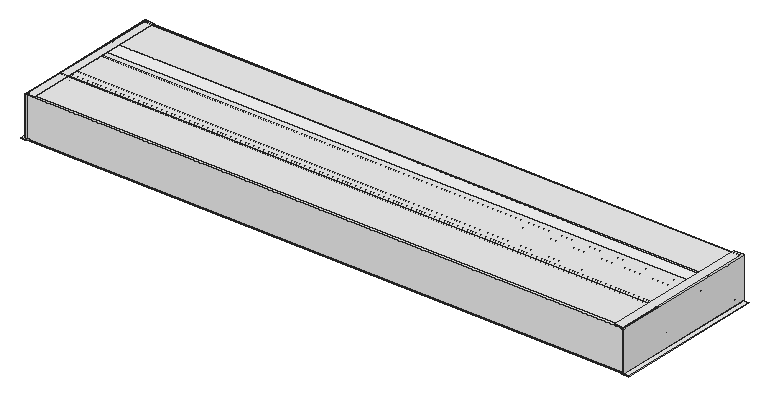
Revit family "LRTJ1x1_1x4", category Lighting Fixtures, host Ceiling, Revit 2019
Family settings
  Host = Ceiling
  Round Connector Dimension = Use Diameter
  Part Type = Normal
  OmniClass Number = 23.80.70.11.14.17
  OmniClass Title = Direct/Indirect
  Always vertical = Yes
  Cut with Voids When Loaded = No
  Light Source = Yes
  Shared = No
  Room Calculation Point = No
Parameters (values of type "LRTJ1x4-LED840K020LUNV")
  Width = 0' - 11 3/4"
  Wattage = 17 W
  built-in parameter 1150110 = 1 (stored number, unit not read)
  Voltage = 120 V
  URL = "https://www.viscor.com/en/products/lrtj"
  built-in parameter 1114217 = 0.9 (stored number, unit not read)
  Tilt Angle = 90.00°
  built-in parameter 1150109 = 1 (stored number, unit not read)
  built-in parameter 1150134 = 12
  built-in parameter 1150113 = 1 (stored number, unit not read)
  Photometric Web File = "LRTJ1x4-LED840K020LUNV-G001846.IES"
  Model = "LRTJ"  # constant formula
  Manufacturer = "VISIONEERING by VISCOR"  # constant formula
  Lumens = 2040 lm
  built-in parameter 1150115 = 1 (stored number, unit not read)
  built-in parameter 1150105 = 162.34 (stored number, unit not read)
  built-in parameter 1150137 = (empty or 0)
  built-in parameter 1150139 = (empty or 0)
  Lens Finish = Acrylic - Viscor - Frosted Round Linear Ribbed
  Length = 3' - 11 3/4"
  Lamp Wattage = 17 VA
  built-in parameter 1150112 = 1 (stored number, unit not read)
  built-in parameter 1150114 = 1 (stored number, unit not read)
  Lamp = "LED"  # constant formula
  built-in parameter 1150132 = (empty or 0)
  built-in parameter 1150102 = (empty or 0)
  built-in parameter 1150138 = (empty or 0)
  built-in parameter 1150107 = 4000 (stored number, unit not read)
  built-in parameter 1150106 = 1.6234 (stored number, unit not read)
  Housing Finish = Metal - Viscor - White
  Emit from Rectangle Width = Width  # 0' - 11 3/4"
  Emit from Rectangle Length = Length  # 3' - 11 3/4"
  Emit Shape Visible in Rendering = no
  built-in parameter 1150104 = 11.148 (stored number, unit not read)
  Dimming Lamp Color Temperature Shift = <None>
  Description = "LED Troffer Dish High-Efficiency"  # constant formula
  Color Filter = 16777215
  built-in parameter 1114218 = 1 (stored number, unit not read)
  built-in parameter 1150133 = 10 (stored number, unit not read)
  Assembly Code = "D5020200"
  Apparent Load = Lamp Wattage  # 17 VA
Types (4): name | Wattage | Photometric Web File | Lumens | built-in parameter 1150105 | Length | Lamp Wattage | built-in parameter 1150106 | Emit from Rectangle Length | built-in parameter 1150104 | Apparent Load
  (no name) | 17 W | "LRTJ1x4-LED840K020LUNV-G001846.IES" | 2040 lm | 162.34 (stored number, unit not read) | 3' - 11 3/4" | 17 VA | 1.6234 (stored number, unit not read) | 3' - 11 3/4" | 11.148 (stored number, unit not read) | 17 VA
  LRTJ1X1-LED840K016LUNV | 15 W | "LRTJ1x1-LED840K016LUNV.ies" | 1620 lm | 128.92 (stored number, unit not read) | 0' - 11 3/4" | 15 VA | 1.2892 (stored number, unit not read) | 0' - 11 3/4" | 10.034 (stored number, unit not read) | 15 VA
  LRTJ1x4-LED840K020LUNV | 17 W | "LRTJ1x4-LED840K020LUNV-G001846.IES" | 2040 lm | 162.34 (stored number, unit not read) | 3' - 11 3/4" | 17 VA | 1.6234 (stored number, unit not read) | 3' - 11 3/4" | 11.148 (stored number, unit not read) | 17 VA
  LRTJ1x4-LED840K033LUNV | 26 W | "LRTJ1x4-LED840K033LUNV-G001840.IES" | 3302 lm | 262.76 (stored number, unit not read) | 3' - 11 3/4" | 26 VA | 2.6276 (stored number, unit not read) | 3' - 11 3/4" | 11.799 (stored number, unit not read) | 26 VA
Reference planes (in)
  plane 1 "Light Source Axis (F/B)": y = 0
  plane 2 "Ceiling": z = 96
  plane 3 "Light Source Axis (L/R)": x = 0
  plane 4 "Light Source Elevation": z = 95.96875
  plane 5: y = 5.875
  plane 6: y = -5.875
  plane 7: x = -23.875
  plane 8: x = 23.875
  plane 9: x = -23.8125
  plane 10: x = 23.8125
  plane 11: y = 5.418
  plane 12: y = -5.418
  plane 13: x = -23.449
  plane 14: x = 23.449
Forms (in)
  Extrusion 1, void
    sketch origin (0, 0, 96) x (1, 0, 0) y (0, 1, 0)
      loop
        line (-23.875, -5.875) -> (23.875, -5.875) -> (23.875, 5.875) -> (-23.875, 5.875) -> (-23.875, -5.875)
    from -0.22657 to 4.86229
  Extrusion 2, solid, material "Metal - Viscor - White" <- "Housing Finish"
    sketch origin (0, 0, 0) x (1, 0, 0) y (0, 0, 1)
      loop
        line (-23.875, 96) -> (-23.522, 96)
        arc (-23.522, 96) -> (-23.47321, 96.02021) -> (-23.453, 96.069) r 0.069
        line (-23.453, 96.069) -> (-23.453, 99.211)
        arc (-23.453, 99.211) -> (-23.44158, 99.23858) -> (-23.414, 99.25) r 0.039
        line (-23.414, 99.25) -> (-22.766, 99.25) -> (-22.766, 99.28125) -> (-23.414, 99.28125)
        arc (-23.414, 99.28125) -> (-23.46367, 99.26067) -> (-23.48425, 99.211) r 0.07025
        line (-23.48425, 99.211) -> (-23.48425, 96.069)
        arc (-23.48425, 96.069) -> (-23.49531, 96.04231) -> (-23.522, 96.03125) r 0.03775
        line (-23.522, 96.03125) -> (-23.875, 96.03125) -> (-23.875, 96)
    from -5.875 to 5.875
  Extrusion 3, solid, material "Metal - Viscor - White" <- "Housing Finish"
    sketch origin (0, 0, 0) x (-1, 0, 0) y (0, 0, -1)
      loop
        line (-23.875, -96) -> (-23.875, -96.03125) -> (-23.522, -96.03125)
        arc (-23.522, -96.03125) -> (-23.49531, -96.04231) -> (-23.48425, -96.069) r 0.03775
        line (-23.48425, -96.069) -> (-23.48425, -99.211)
        arc (-23.48425, -99.211) -> (-23.46367, -99.26067) -> (-23.414, -99.28125) r 0.07025
        line (-23.414, -99.28125) -> (-22.766, -99.28125) -> (-22.766, -99.25) -> (-23.414, -99.25)
        arc (-23.414, -99.25) -> (-23.44158, -99.23858) -> (-23.453, -99.211) r 0.039
        line (-23.453, -99.211) -> (-23.453, -96.069)
        arc (-23.453, -96.069) -> (-23.47321, -96.02021) -> (-23.522, -96) r 0.069
        line (-23.522, -96) -> (-23.875, -96)
    from -5.875 to 5.875
  Extrusion 4, solid, material "Metal - Viscor - White" <- "Housing Finish"
    sketch origin (0, 0, 0) x (0, 1, 0) y (0, 0, 1)
      loop
        line (5.4375, 96) -> (5.7435, 96)
        arc (5.7435, 96) -> (5.79229, 96.02021) -> (5.8125, 96.069) r 0.069
        line (5.8125, 96.069) -> (5.8125, 99.181)
        arc (5.8125, 99.181) -> (5.79229, 99.22979) -> (5.7435, 99.25) r 0.069
        line (5.7435, 99.25) -> (2.51358, 99.25)
        arc (2.51358, 99.25) -> (2.48718, 99.24475) -> (2.46479, 99.22979) r 0.069
        line (2.46479, 99.22979) -> (2, 98.765) -> (-2, 98.765) -> (-2.46479, 99.22979)
        arc (-2.46479, 99.22979) -> (-2.48718, 99.24475) -> (-2.51358, 99.25) r 0.069
        line (-2.51358, 99.25) -> (-5.7435, 99.25)
        arc (-5.7435, 99.25) -> (-5.79229, 99.22979) -> (-5.8125, 99.181) r 0.069
        line (-5.8125, 99.181) -> (-5.8125, 96.069)
        arc (-5.8125, 96.069) -> (-5.79229, 96.02021) -> (-5.7435, 96) r 0.069
        line (-5.7435, 96) -> (-5.4375, 96) -> (-5.4375, 96.03125) -> (-5.7435, 96.03125)
        arc (-5.7435, 96.03125) -> (-5.77019, 96.04231) -> (-5.78125, 96.069) r 0.03775
        line (-5.78125, 96.069) -> (-5.78125, 99.181)
        arc (-5.78125, 99.181) -> (-5.77019, 99.20769) -> (-5.7435, 99.21875) r 0.03775
        line (-5.7435, 99.21875) -> (-2.49794, 99.21875) -> (-2.01294, 98.73375) -> (2.01294, 98.73375) -> (2.49794, 99.21875) -> (5.7435, 99.21875)
        arc (5.7435, 99.21875) -> (5.77019, 99.20769) -> (5.78125, 99.181) r 0.03775
        line (5.78125, 99.181) -> (5.78125, 96.069)
        arc (5.78125, 96.069) -> (5.77019, 96.04231) -> (5.7435, 96.03125) r 0.03775
        line (5.7435, 96.03125) -> (5.4375, 96.03125) -> (5.4375, 96)
    from -23.449 to 23.449
  Extrusion 5, solid
    sketch origin (0, 0, 0) x (0, 1, 0) y (0, 0, 1)
      loop
        line (5.63078, 96.03) -> (5.63078, 96.06125) -> (5.44626, 96.06125) -> (5.29682, 96.24292)
        arc (5.29682, 96.24292) -> (3.7316, 97.54781) -> (1.79723, 98.18874) r 5.46633
        line (1.79723, 98.18874) -> (1.54942, 98.22176)
        arc (1.54942, 98.22176) -> (1.52319, 98.24695) -> (1.53932, 98.27954) r 0.03075
        line (1.53932, 98.27954) -> (1.76564, 98.39691)
        arc (1.76564, 98.39691) -> (1.80273, 98.44853) -> (1.78298, 98.50894) r 0.07025
        line (1.78298, 98.50894) -> (1.54867, 98.74325) -> (1.01321, 98.74325)
        arc (1.01321, 98.74325) -> (0.96353, 98.72267) -> (0.94296, 98.673) r 0.07025
        line (0.94296, 98.673) -> (0.94296, 98.257) -> (0.97421, 98.257) -> (0.97421, 98.673)
        arc (0.97421, 98.673) -> (0.98563, 98.70058) -> (1.01321, 98.712) r 0.039
        line (1.01321, 98.712) -> (1.53573, 98.712) -> (1.76088, 98.48685)
        arc (1.76088, 98.48685) -> (1.77184, 98.45331) -> (1.75126, 98.42465) r 0.039
        line (1.75126, 98.42465) -> (1.52494, 98.30728)
        arc (1.52494, 98.30728) -> (1.4924, 98.24157) -> (1.54529, 98.19079) r 0.062
        line (1.54529, 98.19079) -> (1.7931, 98.15777)
        arc (1.7931, 98.15777) -> (3.71642, 97.52049) -> (5.27268, 96.22307) r 5.43508
        line (5.27268, 96.22307) -> (5.4129, 96.05261)
        arc (5.4129, 96.05261) -> (5.4343, 96.03594) -> (5.46078, 96.03) r 0.062
        line (5.46078, 96.03) -> (5.63078, 96.03)
    from -23.449 to 23.449
  Extrusion 6, solid, material "Metal - Viscor - White" <- "Housing Finish"
    sketch origin (0, 0, 0) x (0, -1, 0) y (0, 0, -1)
      loop
        line (5.63078, -96.03) -> (5.46078, -96.03)
        arc (5.46078, -96.03) -> (5.4343, -96.03594) -> (5.4129, -96.05261) r 0.062
        line (5.4129, -96.05261) -> (5.27268, -96.22307)
        arc (5.27268, -96.22307) -> (3.71642, -97.52049) -> (1.7931, -98.15777) r 5.43508
        line (1.7931, -98.15777) -> (1.54529, -98.19079)
        arc (1.54529, -98.19079) -> (1.4924, -98.24157) -> (1.52494, -98.30728) r 0.062
        line (1.52494, -98.30728) -> (1.75126, -98.42465)
        arc (1.75126, -98.42465) -> (1.77184, -98.45331) -> (1.76088, -98.48685) r 0.039
        line (1.76088, -98.48685) -> (1.53573, -98.712) -> (1.01321, -98.712)
        arc (1.01321, -98.712) -> (0.98563, -98.70058) -> (0.97421, -98.673) r 0.039
        line (0.97421, -98.673) -> (0.97421, -98.257) -> (0.94296, -98.257) -> (0.94296, -98.673)
        arc (0.94296, -98.673) -> (0.96353, -98.72267) -> (1.01321, -98.74325) r 0.07025
        line (1.01321, -98.74325) -> (1.54867, -98.74325) -> (1.78298, -98.50894)
        arc (1.78298, -98.50894) -> (1.80273, -98.44853) -> (1.76564, -98.39691) r 0.07025
        line (1.76564, -98.39691) -> (1.53932, -98.27954)
        arc (1.53932, -98.27954) -> (1.52319, -98.24695) -> (1.54942, -98.22176) r 0.03075
        line (1.54942, -98.22176) -> (1.79723, -98.18874)
        arc (1.79723, -98.18874) -> (3.7316, -97.54781) -> (5.29682, -96.24292) r 5.46633
        line (5.29682, -96.24292) -> (5.44626, -96.06125) -> (5.63078, -96.06125) -> (5.63078, -96.03)
    from -23.449 to 23.449
  Extrusion 7, solid, material "Acrylic - Viscor - Frosted Round Linear Ribbed" <- "Lens Finish"
    sketch origin (0, 0, 0) x (0, 1, 0) y (0, 0, 1)
      loop
        arc (1.74413, 98.36858) -> (1.76336, 98.38063) -> (1.75896, 98.40288) r 0.02
        arc (1.75896, 98.40288) -> (1.73517, 98.41883) -> (1.70726, 98.42525) r 0.079
        line (1.70726, 98.42525) -> (1.59836, 98.43)
        arc (1.59836, 98.43) -> (1.50702, 98.40504) -> (1.44725, 98.3316) r 0.155
        line (1.44725, 98.3316) -> (1.41551, 98.25045)
        arc (1.41551, 98.25045) -> (1.42752, 98.11483) -> (1.54286, 98.04248) r 0.153
        line (1.54286, 98.04248) -> (1.97373, 97.99962)
        arc (1.97373, 97.99962) -> (2.00709, 97.98819) -> (2.03186, 97.9631) r 0.07705
        line (2.03186, 97.9631) -> (2.16761, 97.74077)
        arc (2.16761, 97.74077) -> (0, 96.56) -> (-2.16761, 97.74077) r 2.58
        line (-2.16761, 97.74077) -> (-2.03186, 97.9631)
        arc (-2.03186, 97.9631) -> (-2.00709, 97.98819) -> (-1.97373, 97.99962) r 0.07705
        line (-1.97373, 97.99962) -> (-1.54286, 98.04248)
        arc (-1.54286, 98.04248) -> (-1.42752, 98.11483) -> (-1.41551, 98.25045) r 0.153
        line (-1.41551, 98.25045) -> (-1.44725, 98.3316)
        arc (-1.44725, 98.3316) -> (-1.50702, 98.40504) -> (-1.59836, 98.43) r 0.155
        line (-1.59836, 98.43) -> (-1.70726, 98.42525)
        arc (-1.70726, 98.42525) -> (-1.73517, 98.41883) -> (-1.75896, 98.40288) r 0.079
        arc (-1.75896, 98.40288) -> (-1.76336, 98.38063) -> (-1.74413, 98.36858) r 0.02
        line (-1.74413, 98.36858) -> (-1.59596, 98.37505)
        arc (-1.59596, 98.37505) -> (-1.53703, 98.35895) -> (-1.49847, 98.31157) r 0.1
        line (-1.49847, 98.31157) -> (-1.46673, 98.23042)
        arc (-1.46673, 98.23042) -> (-1.47442, 98.14355) -> (-1.5483, 98.09721) r 0.098
        line (-1.5483, 98.09721) -> (-1.97917, 98.05435)
        arc (-1.97917, 98.05435) -> (-2.03635, 98.03477) -> (-2.07881, 97.99176) r 0.13205
        line (-2.07881, 97.99176) -> (-2.20752, 97.78095)
        arc (-2.20752, 97.78095) -> (-2.21999, 97.73514) -> (-2.206, 97.68976) r 0.08519
        arc (-2.206, 97.68976) -> (0, 96.5) -> (2.206, 97.68976) r 2.64
        arc (2.206, 97.68976) -> (2.21999, 97.73514) -> (2.20752, 97.78095) r 0.08519
        line (2.20752, 97.78095) -> (2.07881, 97.99176)
        arc (2.07881, 97.99176) -> (2.03635, 98.03477) -> (1.97917, 98.05435) r 0.13205
        line (1.97917, 98.05435) -> (1.5483, 98.09721)
        arc (1.5483, 98.09721) -> (1.47442, 98.14355) -> (1.46673, 98.23042) r 0.098
        line (1.46673, 98.23042) -> (1.49847, 98.31157)
        arc (1.49847, 98.31157) -> (1.53703, 98.35895) -> (1.59596, 98.37505) r 0.1
        line (1.59596, 98.37505) -> (1.74413, 98.36858)
    from -23.449 to 23.449
Dimensions and locks (in)
  equal spacing: host sketch curve, plane 3 "Light Source Axis (L/R)", host sketch curve
  equal spacing: host sketch curve, plane 1 "Light Source Axis (F/B)", host sketch curve
  host sketch curve to host sketch curve = 10' - 0"  (x2)
  equal spacing: plane 7, plane 3 "Light Source Axis (L/R)", plane 8
  "Length": plane 7 to plane 8
  equal spacing: plane 5, plane 1 "Light Source Axis (F/B)", plane 6
  "Width": plane 5 to plane 6
  plane 4 "Light Source Elevation" to plane 2 "Ceiling" = 0' - 0 1/32"
  locked: plane 7 to plane 9 at 0.0625
  locked: plane 10 to plane 8 at 0.0625
  locked: plane 11 to plane 5 at 0.457
  locked: plane 12 to plane 6 at 0.457
  locked: plane 7 to plane 13 at 0.426
  locked: plane 14 to plane 8 at 0.426
  aligned and locked: plane 3 "Light Source Axis (L/R)" to imposter light
  aligned and locked: plane 1 "Light Source Axis (F/B)" to imposter light
  aligned and locked: plane 4 "Light Source Elevation" to imposter light
  aligned and locked: plane 5 to Extrusion 1
  aligned and locked: Extrusion 1 to plane 6
  aligned and locked: plane 8 to Extrusion 1
  aligned and locked: plane 5 to Extrusion 2
  aligned and locked: Extrusion 2 to plane 6
  aligned and locked: Extrusion 3 to plane 6
  aligned and locked: plane 5 to Extrusion 3
  aligned and locked: Extrusion 4 to plane 13
  aligned and locked: plane 14 to Extrusion 4
  aligned and locked: Extrusion 5 to plane 13
  aligned and locked: plane 14 to Extrusion 5
  aligned and locked: Extrusion 6 to plane 13
  aligned and locked: plane 14 to Extrusion 6
  aligned and locked: Extrusion 7 to plane 13
  aligned and locked: plane 14 to Extrusion 7
Automatic sketch dimensions
  Extrusion 1 sketch curve to plane 6 = 0' - 0"
  Extrusion 1 sketch curve to plane 5 = 0' - 0"
  Extrusion 1 sketch curve to plane 8 = 0' - 0"
  plane 7 to Extrusion 1 sketch curve = 0' - 0"
  Extrusion 2 sketch curve to Extrusion 2 sketch curve = 0' - 0"  (x4)
  Extrusion 2 sketch curve to plane 2 "Ceiling" = 0' - 0"
  Extrusion 2 sketch curve to plane 7 = 0' - 0"
  Extrusion 2 sketch curve to plane 13 = 0' - 0.073"
  Extrusion 2 sketch curve to plane 13 = 0' - 0.03525"
  Extrusion 2 sketch curve to plane 13 = 0' - 0.004"
  plane 13 to Extrusion 2 sketch curve = 0' - 0.035"
  Extrusion 2 sketch curve to Extrusion 2 sketch curve = 0' - 0.648"
  Extrusion 2 sketch curve to Extrusion 2 sketch curve = 0' - 3.142"
  Extrusion 3 sketch curve to Extrusion 3 sketch curve = 0' - 0"  (x4)
  Extrusion 3 sketch curve to plane 2 "Ceiling" = 0' - 0"
  Extrusion 3 sketch curve to plane 8 = 0' - 0"
  Extrusion 3 sketch curve to plane 14 = 0' - 0.073"
  Extrusion 3 sketch curve to plane 14 = 0' - 0.03525"
  Extrusion 3 sketch curve to plane 14 = 0' - 0.004"
  plane 14 to Extrusion 3 sketch curve = 0' - 0.035"
  Extrusion 3 sketch curve to Extrusion 3 sketch curve = 0' - 0.648"
  Extrusion 3 sketch curve to Extrusion 3 sketch curve = 0' - 3.142"
  Extrusion 4 sketch curve to Extrusion 4 sketch curve = 0' - 0"  (x8)
  Extrusion 4 sketch curve to plane 2 "Ceiling" = 0' - 0"  (x2)
  plane 6 to Extrusion 4 sketch curve = 0' - 0 1/16"
  Extrusion 4 sketch curve to Extrusion 4 sketch curve = 0' - 0 1/32"  (x3)
  Extrusion 4 sketch curve to Extrusion 4 sketch curve = 0' - 0.03775"  (x5)
  Extrusion 4 sketch curve to plane 12 = 0' - 0.0195"
  plane 1 "Light Source Axis (F/B)" to Extrusion 4 sketch curve = 0' - 2.51358"
  Extrusion 4 sketch curve to Extrusion 4 sketch curve = 0' - 0 1/64"  (x2)
  Extrusion 4 sketch curve to Extrusion 4 sketch curve = 0' - 0.03315"  (x2)
  Extrusion 4 sketch curve to Extrusion 4 sketch curve = 0' - 0.45185"
  Extrusion 4 sketch curve to Extrusion 4 sketch curve = 0' - 0.01294"  (x2)
  Extrusion 4 sketch curve to plane 1 "Light Source Axis (F/B)" = 0' - 2"
  Extrusion 4 sketch curve to Extrusion 4 sketch curve = 0' - 0.46479"
  plane 11 to Extrusion 4 sketch curve = 0' - 0.0195"
  Extrusion 4 sketch curve to plane 5 = 0' - 0.1315"  (x2)
  plane 2 "Ceiling" to Extrusion 4 sketch curve = 0' - 2.73375"
  Extrusion 4 sketch curve to Extrusion 4 sketch curve = 0' - 3.112"  (x2)
  Extrusion 5 sketch curve to Extrusion 5 sketch curve = 0' - 0"  (x8)
  Extrusion 5 sketch curve to plane 1 "Light Source Axis (F/B)" = 0' - 0.94296"
  Extrusion 5 sketch curve to Extrusion 5 sketch curve = 0' - 0 1/32"
  Extrusion 5 sketch curve to Extrusion 5 sketch curve = 0' - 0.039"
  Extrusion 5 sketch curve to plane 1 "Light Source Axis (F/B)" = 0' - 1.07524"
  Extrusion 5 sketch curve to Extrusion 5 sketch curve = 0' - 0.55073"
  Extrusion 5 sketch curve to Extrusion 5 sketch curve = 0' - 0.01079"
  Extrusion 5 sketch curve to Extrusion 5 sketch curve = 0' - 0.01439"  (x2)
  Extrusion 5 sketch curve to Extrusion 5 sketch curve = 0' - 0.00597"
  Extrusion 5 sketch curve to Extrusion 5 sketch curve = 0' - 0.01294"
  Extrusion 5 sketch curve to Extrusion 5 sketch curve = 0' - 0.00413"  (x2)
  Extrusion 5 sketch curve to Extrusion 5 sketch curve = 0' - 0.01416"
  Extrusion 5 sketch curve to Extrusion 5 sketch curve = 0' - 0.20837"
  Extrusion 5 sketch curve to Extrusion 5 sketch curve = 0' - 0.01795"
  Extrusion 5 sketch curve to Extrusion 5 sketch curve = 0' - 0.02758"
  Extrusion 5 sketch curve to Extrusion 5 sketch curve = 0' - 0.0221"
  Extrusion 5 sketch curve to Extrusion 5 sketch curve = 0' - 0.02746"
  Extrusion 5 sketch curve to plane 11 = 0' - 0.14532"
  Extrusion 5 sketch curve to Extrusion 5 sketch curve = 0' - 0.02413"
  Extrusion 5 sketch curve to plane 11 = 0' - 0.0051"
  plane 11 to Extrusion 5 sketch curve = 0' - 0.02826"
  Extrusion 5 sketch curve to Extrusion 5 sketch curve = 0' - 0.01452"
  plane 2 "Ceiling" to Extrusion 5 sketch curve = 0' - 0.06125"
  Extrusion 5 sketch curve to Extrusion 5 sketch curve = 0' - 0.17"
  Extrusion 5 sketch curve to Extrusion 5 sketch curve = 0' - 0.00864"
  plane 2 "Ceiling" to Extrusion 5 sketch curve = 0' - 0.03"
  plane 4 "Light Source Elevation" to Extrusion 5 sketch curve = 0' - 3.19844"
  Extrusion 5 sketch curve to Extrusion 5 sketch curve = 0' - 0.17046"
  Extrusion 5 sketch curve to Extrusion 5 sketch curve = 0' - 0.01985"
  Extrusion 5 sketch curve to Extrusion 5 sketch curve = 0' - 0.03302"
  Extrusion 5 sketch curve to Extrusion 5 sketch curve = 0' - 0.03098"
  Extrusion 5 sketch curve to Extrusion 5 sketch curve = 0' - 0.03048"
  Extrusion 5 sketch curve to Extrusion 5 sketch curve = 0' - 0.05028"
  Extrusion 5 sketch curve to Extrusion 5 sketch curve = 0' - 0.20816"
  Extrusion 5 sketch curve to Extrusion 5 sketch curve = 0' - 0.02774"
  Extrusion 5 sketch curve to Extrusion 5 sketch curve = 0' - 0.03462"
  Extrusion 5 sketch curve to Extrusion 5 sketch curve = 0' - 0.416"
  Extrusion 6 sketch curve to Extrusion 6 sketch curve = 0' - 0"  (x8)
  Extrusion 6 sketch curve to plane 1 "Light Source Axis (F/B)" = 0' - 0.94296"
  Extrusion 6 sketch curve to Extrusion 6 sketch curve = 0' - 0 1/32"
  Extrusion 6 sketch curve to Extrusion 6 sketch curve = 0' - 0.039"
  Extrusion 6 sketch curve to plane 1 "Light Source Axis (F/B)" = 0' - 1.07524"
  Extrusion 6 sketch curve to Extrusion 6 sketch curve = 0' - 0.55073"
  Extrusion 6 sketch curve to Extrusion 6 sketch curve = 0' - 0.01079"
  Extrusion 6 sketch curve to Extrusion 6 sketch curve = 0' - 0.01439"  (x2)
  Extrusion 6 sketch curve to Extrusion 6 sketch curve = 0' - 0.00597"
  Extrusion 6 sketch curve to Extrusion 6 sketch curve = 0' - 0.01294"
  Extrusion 6 sketch curve to Extrusion 6 sketch curve = 0' - 0.00413"  (x2)
  Extrusion 6 sketch curve to Extrusion 6 sketch curve = 0' - 0.01416"
  Extrusion 6 sketch curve to Extrusion 6 sketch curve = 0' - 0.20837"
  Extrusion 6 sketch curve to Extrusion 6 sketch curve = 0' - 0.01795"
  Extrusion 6 sketch curve to Extrusion 6 sketch curve = 0' - 0.02758"
  Extrusion 6 sketch curve to Extrusion 6 sketch curve = 0' - 0.0221"
  Extrusion 6 sketch curve to Extrusion 6 sketch curve = 0' - 0.02746"
  Extrusion 6 sketch curve to plane 12 = 0' - 0.14532"
  Extrusion 6 sketch curve to Extrusion 6 sketch curve = 0' - 0.02413"
  Extrusion 6 sketch curve to plane 12 = 0' - 0.0051"
  plane 12 to Extrusion 6 sketch curve = 0' - 0.02826"
  Extrusion 6 sketch curve to Extrusion 6 sketch curve = 0' - 0.01452"
  Extrusion 6 sketch curve to plane 2 "Ceiling" = 0' - 0.06125"
  Extrusion 6 sketch curve to Extrusion 6 sketch curve = 0' - 0.17"
  Extrusion 6 sketch curve to Extrusion 6 sketch curve = 0' - 0.00864"
  Extrusion 6 sketch curve to plane 2 "Ceiling" = 0' - 0.03"
  Extrusion 6 sketch curve to plane 4 "Light Source Elevation" = 0' - 3.19844"
  Extrusion 6 sketch curve to Extrusion 6 sketch curve = 0' - 0.17046"
  Extrusion 6 sketch curve to Extrusion 6 sketch curve = 0' - 0.01985"
  Extrusion 6 sketch curve to Extrusion 6 sketch curve = 0' - 0.03302"
  Extrusion 6 sketch curve to Extrusion 6 sketch curve = 0' - 0.03098"
  Extrusion 6 sketch curve to Extrusion 6 sketch curve = 0' - 0.03048"
  Extrusion 6 sketch curve to Extrusion 6 sketch curve = 0' - 0.05028"
  Extrusion 6 sketch curve to Extrusion 6 sketch curve = 0' - 0.20816"
  Extrusion 6 sketch curve to Extrusion 6 sketch curve = 0' - 0.02774"
  Extrusion 6 sketch curve to Extrusion 6 sketch curve = 0' - 0.03462"
  Extrusion 6 sketch curve to Extrusion 6 sketch curve = 0' - 0.416"
  Extrusion 7 sketch curve to plane 1 "Light Source Axis (F/B)" = 0' - 1.74413"
  Extrusion 7 sketch curve to Extrusion 7 sketch curve = 0' - 0.00087"  (x2)
  plane 2 "Ceiling" to Extrusion 7 sketch curve = 0' - 2.36858"
  Extrusion 7 sketch curve to Extrusion 7 sketch curve = 0' - 0.01998"
  Extrusion 7 sketch curve to Extrusion 7 sketch curve = 0' - 0.14817"
  Extrusion 7 sketch curve to Extrusion 7 sketch curve = 0' - 0.01396"  (x2)
  Extrusion 7 sketch curve to Extrusion 7 sketch curve = 0' - 0.00647"
  Extrusion 7 sketch curve to Extrusion 7 sketch curve = 0' - 0.04032"
  Extrusion 7 sketch curve to Extrusion 7 sketch curve = 0' - 0.03774"
  Extrusion 7 sketch curve to Extrusion 7 sketch curve = 0' - 0"  (x17)
  Extrusion 7 sketch curve to Extrusion 7 sketch curve = 0' - 0.0024"  (x2)
  Extrusion 7 sketch curve to Extrusion 7 sketch curve = 0' - 0.05495"
  Extrusion 7 sketch curve to Extrusion 7 sketch curve = 0' - 0.00436"  (x2)
  Extrusion 7 sketch curve to Extrusion 7 sketch curve = 0' - 0.0999"
  Extrusion 7 sketch curve to Extrusion 7 sketch curve = 0' - 0.14872"
  Extrusion 7 sketch curve to Extrusion 7 sketch curve = 0' - 0.05122"  (x4)
  Extrusion 7 sketch curve to Extrusion 7 sketch curve = 0' - 0.03174"  (x2)
  Extrusion 7 sketch curve to Extrusion 7 sketch curve = 0' - 0.08115"  (x2)
  Extrusion 7 sketch curve to Extrusion 7 sketch curve = 0' - 0.02003"  (x2)
  Extrusion 7 sketch curve to Extrusion 7 sketch curve = 0' - 0.0336"  (x2)
  Extrusion 7 sketch curve to Extrusion 7 sketch curve = 0' - 0.08042"  (x2)
  Extrusion 7 sketch curve to Extrusion 7 sketch curve = 0' - 0.01514"
  Extrusion 7 sketch curve to Extrusion 7 sketch curve = 0' - 0.00544"  (x4)
  Extrusion 7 sketch curve to Extrusion 7 sketch curve = 0' - 0.23505"
  Extrusion 7 sketch curve to Extrusion 7 sketch curve = 0' - 0.31423"
  Extrusion 7 sketch curve to Extrusion 7 sketch curve = 0' - 0.05473"  (x2)
  Extrusion 7 sketch curve to Extrusion 7 sketch curve = 0' - 0.00763"
  Extrusion 7 sketch curve to Extrusion 7 sketch curve = 0' - 0.07667"
  Extrusion 7 sketch curve to Extrusion 7 sketch curve = 0' - 0.05813"
  Extrusion 7 sketch curve to Extrusion 7 sketch curve = 0' - 0.04694"  (x2)
  Extrusion 7 sketch curve to Extrusion 7 sketch curve = 0' - 0.12871"  (x2)
  Extrusion 7 sketch curve to Extrusion 7 sketch curve = 0' - 0.21081"  (x2)
  Extrusion 7 sketch curve to Extrusion 7 sketch curve = 0' - 0.03991"  (x2)
  Extrusion 7 sketch curve to Extrusion 7 sketch curve = 0' - 0.04018"
  Extrusion 7 sketch curve to Extrusion 7 sketch curve = 0' - 0.0328"  (x2)
  Extrusion 7 sketch curve to Extrusion 7 sketch curve = 0' - 0.00421"
  Extrusion 7 sketch curve to Extrusion 7 sketch curve = 0' - 0.03838"  (x2)
  Extrusion 7 sketch curve to plane 1 "Light Source Axis (F/B)" = 0' - 0"
  Extrusion 7 sketch curve to Extrusion 7 sketch curve = 0' - 0.8084"
  plane 2 "Ceiling" to Extrusion 7 sketch curve = 0' - 1.74077"
  Extrusion 7 sketch curve to Extrusion 7 sketch curve = 0' - 0.02866"
  Extrusion 7 sketch curve to Extrusion 7 sketch curve = 0' - 0.06576"
  Extrusion 7 sketch curve to Extrusion 7 sketch curve = 0' - 0.04015"
  Extrusion 7 sketch curve to Extrusion 7 sketch curve = 0' - 0.05269"
  Extrusion 7 sketch curve to Extrusion 7 sketch curve = 0' - 0.43087"
  Extrusion 7 sketch curve to Extrusion 7 sketch curve = 0' - 0.04286"
  Extrusion 7 sketch curve to Extrusion 7 sketch curve = 0' - 0.0097"
  Extrusion 7 sketch curve to Extrusion 7 sketch curve = 0' - 0.09752"
  Extrusion 7 sketch curve to Extrusion 7 sketch curve = 0' - 0.09127"
  Extrusion 7 sketch curve to Extrusion 7 sketch curve = 0' - 0.1089"
  Extrusion 7 sketch curve to Extrusion 7 sketch curve = 0' - 0.00475"
  Extrusion 7 sketch curve to Extrusion 7 sketch curve = 0' - 0.00345"
  Extrusion 7 sketch curve to Extrusion 7 sketch curve = 0' - 0.07892"
  Extrusion 7 sketch curve to Extrusion 7 sketch curve = 0' - 0.0517"
Connectors (in)
  electrical at (0, 0, 96), driven by "Voltage", driven by "Apparent Load"
    settings: index 1, voltage 120 V, apparent load 0 VA, apparent load phase1 17 VA, apparent load phase2 0 VA, apparent load phase3 0 VA, power factor 1, load classification "Other", number of poles 1, system type 31, power factor state 1, is connector primary yes, connector utility no, sub classification motor no, connector description ""
